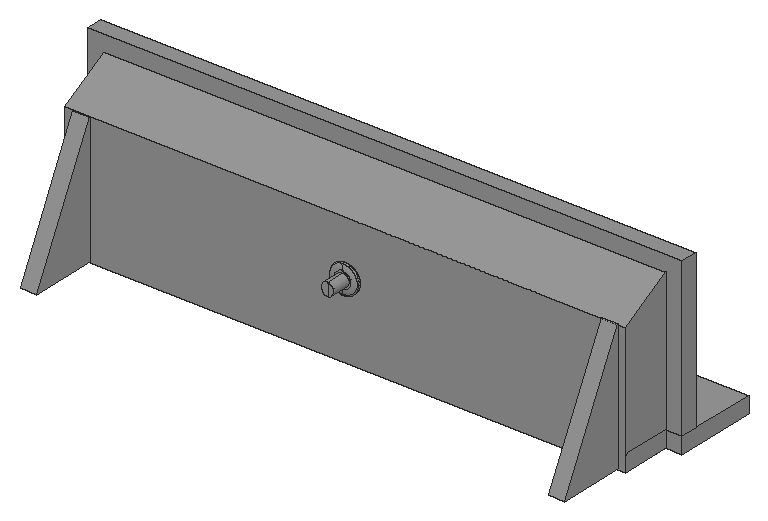
Revit family "Multi_Station_Sink-Willougby-CWMES-7220", category Plumbing Fixtures, Revit 2015
Parameters (values of type "7220")
  Width = 6' - 0"
  Waste DIA = 1 1/2"
  Waste Connection = yes
  Vent Connection = no
  URL = "https://www.willoughby-ind.com/wp-content/uploads/2018/01/CWMES.pdf"
  Type Comments = ""
  Revision = "A"
  Model = "CWMES-7220"
  Manufacturer = "Willoughby Industries"
  HW Connection = no
  Fixture Body = Stainless Steel AISI 304-Willoughby(4)
  Description = "Multi-Station Hand Sink, 72\" Wide, 3 Station"
  Default Elevation = 0' - 0"
  Contact = "(800) 428-4065"
  CW Connection = no
  72" x 20" = yes
Reference planes (in)
  plane 1 "Center (Front/Back)": y = 0
  plane 2: z = 0
  plane 3 "Center (Left/Right)": x = 0
  plane 4 "Left Side": x = -36
  plane 5 "Right Side": x = 36
  plane 6 "Top Of Sink": y = 34
  plane 7 "Top Of Unit": y = 42
  plane 8 "Bottom Of Sink": y = 26
  plane 9 "Mounting Brkt": y = 18
  plane 10: z = 9.125
Forms (in)
  Extrusion 1, solid, material "Stainless Steel AISI 304-Willoughby(4)" <- "Fixture Body"
    sketch origin (0, 0, 0) x (1, 0, 0) y (0, 1, 0)
      loop
        line (-36, 42) -> (-36, 32) -> (-34, 32) -> (-34, 26) -> (34, 26) -> (34, 32) -> (36, 32) -> (36, 42) -> (-36, 42)
    from 0 to 2
  Extrusion 2, solid, material "Stainless Steel AISI 304-Willoughby(4)" <- "Fixture Body"
    sketch origin (0, 0, 0) x (0, 1, 0) y (0, 0, 1)
      loop
        line (34, 0) -> (34, 20.21818) -> (26, 15.75) -> (26, 0) -> (34, 0)
    from -34 to 34
  Sweep 3, solid, material "Stainless Steel AISI 304-Willoughby(4)" <- "Fixture Body"
    path origin (0, 0, 0) x (1, 0, 0) y (0, 0, 1)
      loop
        line (-34, 2) -> (-34, 19) -> (34, 19) -> (34, 2)
    profile origin (-34, 0, 10.5) x (-1, 0, 0) y (0, -1, 0)
      loop
        line (0, -32) -> (0, -34) -> (2, -34) -> (2, -32) -> (0, -32)
  Extrusion 4, void
    sketch origin (0, 0, 0) x (0, 1, 0) y (0, 0, 1)
      loop
        line (34, 2.25) -> (34, 19.97446) -> (26.25, 15.5) -> (26.25, 2.25) -> (34, 2.25)
    from -33.75 to 33.75
  Revolve 5, solid, material "Stainless Steel AISI 304-Willoughby(4)" <- "Fixture Body", detail levels fine
    sketch origin (0, 0, 0) x (0, 1, 0) y (0, 0, 1)
      loop
        line (26.29904, 9.125) -> (26.29904, 10.875) -> (25.88111, 10.875)
        arc (25.88111, 10.875) -> (25.8068, 10.85556) -> (25.75153, 10.80221) r 0.15173
        arc (25.75153, 10.80221) -> (25.6098, 10.48813) -> (25.54904, 10.14895) r 1.40076
        line (25.54904, 10.14895) -> (25.54904, 9.125) -> (26.29904, 9.125)
      axis (25.54904, 9.125) -> (26.29904, 9.125)
    angle from 0 to 360
  Revolve 6, solid, material "Stainless Steel AISI 304-Willoughby(4)" <- "Fixture Body", detail levels fine
    sketch origin (0, 0, 0) x (0, 1, 0) y (0, 0, 1)
      loop
        line (25.54904, 9.125) -> (25.54904, 9.875) -> (23.29904, 9.875) -> (23.29904, 9.125) -> (25.54904, 9.125)
      axis (23.29904, 9.125) -> (25.54904, 9.125)
    angle from 0 to 360
  Extrusion 7, solid, material "Stainless Steel AISI 304-Willoughby(4)" <- "Fixture Body", detail levels medium+fine
    sketch origin (0, 0, 0) x (0, 1, 0) y (0, 0, 1)
      loop
        line (26, 0) -> (26, 15.75) -> (18, 0) -> (26, 0)
    from -33 to -31
  Extrusion 8, solid, material "Stainless Steel AISI 304-Willoughby(4)" <- "Fixture Body", detail levels medium+fine
    sketch origin (0, 0, 0) x (0, 1, 0) y (0, 0, 1)
      loop
        line (26, 0) -> (26, 15.75) -> (18, 0) -> (26, 0)
    from 33 to 31
Cuts and joins
  Extrusion 4 cuts Extrusion 2
  Extrusion 4 cuts Sweep 3
Lines and regions (in)
  symbolic lines
    curve 1: line (-36, 32, 0) -> (-36, 42, 0)
    curve 2: line (-36, 42, 0) -> (36, 42, 0)
    curve 3: line (36, 42, 0) -> (36, 32, 0)
    curve 4: line (-36, 32, 0) -> (-34, 32, 0)
    curve 5: line (-34, 32, 0) -> (34, 32, 0)
    curve 6: line (34, 32, 0) -> (36, 32, 0)
    curve 7: line (34, 32, 0) -> (34, 26, 0)
    curve 8: line (34, 26, 0) -> (-34, 26, 0)
    curve 9: line (-34, 26, 0) -> (-34, 32, 0)
    curve 19: line (-1.75, 26, 0) -> (-1.75, 25.8956, 0)
    curve 20: line (1.75, 26, 0) -> (1.75, 25.8956, 0)
    curve 30: line (36, 0, 0) -> (36, 0, 21)
    curve 31: line (36, 0, 21) -> (-36, 0, 21)
    curve 32: line (-36, 0, 21) -> (-36, 0, 0)
    curve 33: line (-36, 0, 0) -> (36, 0, 0)
    curve 40: line (0, 26, 0) -> (0, 42, 0)
    curve 41: line (0, 42, 0) -> (0, 42, 2)
    curve 42: line (0, 42, 2) -> (0, 26, 2)
    curve 43: line (0, 34, 2) -> (0, 34, 21)
    curve 44: line (0, 34, 21) -> (0, 32, 21)
    curve 45: line (0, 32, 21) -> (0, 32, 0)
    curve 46: line (0, 34, 0) -> (0, 34, 2)
    curve 47: line (0, 34, 20.21818) -> (0, 26, 15.75)
    curve 48: line (0, 26, 15.75) -> (0, 26, 0)
  symbolic lines, detail levels medium+fine
    curve 10: line (-33, 26, 0) -> (-33, 18, 0)
    curve 11: line (-33, 18, 0) -> (-31, 18, 0)
    curve 12: line (-31, 18, 0) -> (-31, 26, 0)
    curve 13: line (33, 26, 0) -> (33, 18, 0)
    curve 14: line (33, 18, 0) -> (31, 18, 0)
    curve 15: line (31, 18, 0) -> (31, 26, 0)
    curve 29: line (-36, 34, 0) -> (36, 34, 0)
    curve 34: line (36, 0, 2) -> (-36, 0, 2)
    curve 35: line (-33.75, 0, 2) -> (-33.75, 0, 19.97446)
    curve 36: line (-33.75, 0, 19.97446) -> (33.75, 0, 19.97446)
    curve 37: line (33.75, 0, 19.97446) -> (33.75, 0, 2)
    curve 49: line (0, 26, 15.75) -> (0, 18, 0)
    curve 50: line (0, 18, 0) -> (0, 26, 0)
  symbolic lines, detail levels fine
    curve 16: line (0.75, 23.29904, 0) -> (0.75, 25.54904, 0)
    curve 17: line (0.75, 23.29904, 0) -> (-0.75, 23.29904, 0)
    curve 18: line (-0.75, 23.29904, 0) -> (-0.75, 25.54904, 0)
    curve 21: arc (1.75, 25.8956, 0) -> (1.73479, 25.80933, 0) -> (1.69099, 25.73346, 0) r 0.25224
    curve 22: arc (1.69099, 25.73346, 0) -> (1.59703, 25.68665, 0) -> (1.49937, 25.64815, 0) r 1.2101
    curve 23: arc (1.49937, 25.64815, 0) -> (1.27107, 25.58065, 0) -> (1.03766, 25.53377, 0) r 2.66813
    curve 24: arc (1.03766, 25.53377, 0) -> (0.89383, 25.53185, 0) -> (0.75, 25.53377, 0) r 5.39805
    curve 25: line (0.75, 25.54904, 0) -> (-0.75, 25.54904, 0)
    curve 26: arc (-1.75, 25.8956, 0) -> (-1.73113, 25.8105, 0) -> (-1.67807, 25.74134, 0) r 0.20137
    curve 27: arc (-1.67807, 25.74134, 0) -> (-1.38605, 25.60652, 0) -> (-1.07056, 25.54395, 0) r 1.36168
    curve 28: arc (-1.07056, 25.54395, 0) -> (-0.90887, 25.53769, 0) -> (-0.74718, 25.54395, 0) r 2.09106
    curve 38: circle (0, 0, 9.125) r 0.75 normal (0, -1, 0)
    curve 39: circle (0, 0, 9.125) r 1.75 normal (0, -1, 0)
Dimensions and locks (in)
  equal spacing: plane 4 "Left Side", plane 3 "Center (Left/Right)", plane 5 "Right Side"
  "Width": plane 4 "Left Side" to plane 5 "Right Side"
  locked: plane 4 "Left Side" to cut or joined group of Extrusion 2, Extrusion 4 at 2
  locked: cut or joined group of Extrusion 2, Extrusion 4 to plane 5 "Right Side" at 2
  locked: plane 4 "Left Side" to Extrusion 7 at 3
  locked: Extrusion 8 to plane 5 "Right Side" at 3
  locked: Extrusion 7 to Extrusion 7 at 2
  locked: Extrusion 8 to Extrusion 8 at 2
  locked: cut or joined group of Extrusion 2, Extrusion 4 to cut or joined group of Extrusion 2, Extrusion 4 at 0.25  (x2)
  aligned and locked: Extrusion 1 to plane 7 "Top Of Unit"
  aligned and locked: Extrusion 1 to plane 5 "Right Side"
  aligned and locked: Extrusion 1 to plane 8 "Bottom Of Sink"
  aligned and locked: Extrusion 1 to level
  aligned and locked: plane 4 "Left Side" to Extrusion 1
  aligned and locked: plane 6 "Top Of Sink" to Extrusion 2
  aligned and locked: Extrusion 2 to plane 8 "Bottom Of Sink"
  aligned and locked: Extrusion 2 to level
  aligned and locked: Extrusion 2 to Extrusion 1
  aligned and locked: Revolve 5 sketch curve to Revolve 5 sketch curve  (x2)
  aligned and locked: Revolve 6 sketch curve to Revolve 6 sketch curve  (x2)
  aligned and locked: plane 8 "Bottom Of Sink" to Extrusion 7
  aligned and locked: Extrusion 7 to level
  aligned and locked: plane 8 "Bottom Of Sink" to Extrusion 8
  aligned and locked: curve 1 to Extrusion 1
Automatic sketch dimensions
  Extrusion 1 sketch curve to plane 4 "Left Side" = 0' - 0"
  Extrusion 1 sketch curve to plane 8 "Bottom Of Sink" = 0' - 0"
  Extrusion 1 sketch curve to plane 5 "Right Side" = 0' - 0"
  Extrusion 1 sketch curve to plane 7 "Top Of Unit" = 0' - 0"
  Extrusion 1 sketch curve to Extrusion 1 sketch curve = 0' - 2"
  plane 5 "Right Side" to Extrusion 1 sketch curve = 0' - 2"
  Extrusion 1 sketch curve to plane 6 "Top Of Sink" = 0' - 2"  (x2)
  Extrusion 2 sketch curve to plane 8 "Bottom Of Sink" = 0' - 0"
  Extrusion 2 sketch curve to level = 0' - 0"
  plane 6 "Top Of Sink" to Extrusion 2 sketch curve = 0' - 0"
  level to Extrusion 2 sketch curve = 1' - 3 3/4"
  Extrusion 2 sketch curve to Extrusion 2 sketch curve = 0' - 4.46818"
  Sweep 3 sketch curve to profile plane = 0' - 0"
  Sweep 3 sketch curve to profile plane = 0' - 2"
  Sweep 3 sketch curve to plane 1 "Center (Front/Back)" = 2' - 10"
  Sweep 3 sketch curve to Sweep 3 sketch curve = 0' - 2"
  Sweep 3 sketch curve to plane 4 "Left Side" = 0' - 2"
  level to Sweep 3 sketch curve = 1' - 7"
  plane 5 "Right Side" to Sweep 3 sketch curve = 0' - 2"
  level to Sweep 3 sketch curve = 0' - 2"  (x2)
  Extrusion 4 sketch curve to plane 6 "Top Of Sink" = 0' - 0"
  plane 8 "Bottom Of Sink" to Extrusion 4 sketch curve = 0' - 0 1/4"
  Extrusion 4 sketch curve to Extrusion 4 sketch curve = 1' - 1 1/4"
  Extrusion 4 sketch curve to Extrusion 4 sketch curve = 0' - 4.47446"
  level to Extrusion 4 sketch curve = 0' - 2 1/4"
  Revolve 5 sketch curve to plane 10 = 0' - 0"
  Revolve 5 sketch curve to plane 8 "Bottom Of Sink" = 0' - 0.45096"
  Revolve 5 sketch curve to plane 8 "Bottom Of Sink" = 0' - 0.11889"
  plane 8 "Bottom Of Sink" to Revolve 5 sketch curve = 0' - 0.29904"
  plane 8 "Bottom Of Sink" to Revolve 5 sketch curve = 0' - 0.94776"
  plane 10 to Revolve 5 sketch curve = 0' - 0.9484"
  plane 10 to Revolve 5 sketch curve = 0' - 1.02395"
  Revolve 5 sketch curve to Revolve 5 sketch curve = 0' - 0.57432"
  Revolve 5 sketch curve to Revolve 5 sketch curve = 0' - 0.15173"
  Revolve 5 sketch curve to Revolve 5 sketch curve = 0' - 0"
  Revolve 6 sketch curve to plane 10 = 0' - 0"
  Revolve 6 sketch curve to plane 8 "Bottom Of Sink" = 0' - 2.70096"
  Revolve 6 sketch curve to plane 8 "Bottom Of Sink" = 0' - 0.45096"
  plane 10 to Revolve 6 sketch curve = 0' - 0 3/4"
  Revolve 6 sketch curve to Revolve 6 sketch curve = 0' - 0"
  Extrusion 7 sketch curve to level = 0' - 0"
  Extrusion 7 sketch curve to plane 9 "Mounting Brkt" = 0' - 0"
  Extrusion 7 sketch curve to plane 8 "Bottom Of Sink" = 0' - 0"
  plane 10 to Extrusion 7 sketch curve = 0' - 6 5/8"
  Extrusion 8 sketch curve to level = 0' - 0"
  Extrusion 8 sketch curve to plane 9 "Mounting Brkt" = 0' - 0"
  Extrusion 8 sketch curve to plane 8 "Bottom Of Sink" = 0' - 0"
  plane 10 to Extrusion 8 sketch curve = 0' - 6 5/8"
  curve 9 to plane 8 "Bottom Of Sink" = 0' - 0"
  curve 11 to plane 9 "Mounting Brkt" = 0' - 0"
  plane 9 "Mounting Brkt" to curve 15 = 0' - 0"
  curve 6 to plane 5 "Right Side" = 0' - 0"
  curve 29 to plane 6 "Top Of Sink" = 0' - 0"
  curve 1 to plane 7 "Top Of Unit" = 0' - 0"
  curve 9 to plane 4 "Left Side" = 0' - 2"
  curve 11 to plane 4 "Left Side" = 0' - 3"
  curve 10 to curve 12 = 0' - 2"
  curve 19 to plane 8 "Bottom Of Sink" = 0' - 0.1044"
  curve 19 to plane 3 "Center (Left/Right)" = 0' - 1 3/4"
  curve 26 to curve 26 = 0' - 0.20137"
  curve 27 to plane 3 "Center (Left/Right)" = 0' - 0.96527"
  curve 27 to curve 28 = 0' - 0.0564"
  curve 18 to plane 3 "Center (Left/Right)" = 0' - 0 3/4"
  plane 3 "Center (Left/Right)" to curve 23 = 0' - 0.62947"
  plane 3 "Center (Left/Right)" to curve 17 = 0' - 0 3/4"
  plane 3 "Center (Left/Right)" to curve 24 = 0' - 0.89388"
  plane 3 "Center (Left/Right)" to curve 22 = 0' - 1.10484"
  curve 21 to plane 8 "Bottom Of Sink" = 0' - 0.1044"
  curve 16 to curve 21 = 0' - 0.74776"
  curve 21 to curve 20 = 0' - 0.25224"
  plane 5 "Right Side" to curve 15 = 0' - 5"
  curve 14 to curve 13 = 0' - 2"
  curve 13 to curve 8 = 0' - 1"
  curve 16 to plane 8 "Bottom Of Sink" = 0' - 2.70096"
  curve 16 to plane 8 "Bottom Of Sink" = 0' - 0.45096"
  plane 8 "Bottom Of Sink" to curve 22 = 0' - 0.79213"
  plane 8 "Bottom Of Sink" to curve 27 = 0' - 0.90155"
  curve 27 to curve 28 = 0' - 0.7272"
  curve 22 to curve 23 = 0' - 1.37836"
  curve 23 to curve 24 = 0' - 2.75941"
  curve 5 to plane 6 "Top Of Sink" = 0' - 2"
  curve 26 to curve 26 = 0' - 0.07193"
  curve 28 to curve 27 = 0' - 0"
  curve 18 to curve 28 = 0' - 0.00282"
  curve 24 to curve 23 = 0' - 0.28766"
  curve 21 to curve 23 = 0' - 0.00161"
  curve 22 to curve 23 = 0' - 0"
  curve 38 to curve 39 = 0' - 0"  (x2)
  plane 4 "Left Side" to curve 34 = 0' - 0"
  curve 38 to plane 3 "Center (Left/Right)" = 0' - 0"
  plane 5 "Right Side" to curve 31 = 0' - 0"
  curve 33 to level = 0' - 0"
  curve 38 to plane 10 = 0' - 0"
  curve 35 to plane 4 "Left Side" = 0' - 2 1/4"
  plane 5 "Right Side" to curve 37 = 0' - 2 1/4"
  plane 10 to curve 37 = 0' - 10.84946"
  curve 36 to curve 30 = 0' - 1.02554"
  level to curve 34 = 0' - 2"
  curve 50 to plane 9 "Mounting Brkt" = 0' - 0"
  curve 49 to level = 0' - 0"
  curve 40 to plane 8 "Bottom Of Sink" = 0' - 0"
  curve 46 to plane 6 "Top Of Sink" = 0' - 0"
  curve 47 to plane 6 "Top Of Sink" = 0' - 0"
  curve 41 to plane 7 "Top Of Unit" = 0' - 0"
  curve 44 to plane 6 "Top Of Sink" = 0' - 2"
  level to curve 42 = 0' - 2"
  plane 10 to curve 49 = 0' - 6 5/8"
  curve 47 to curve 45 = 0' - 5 1/4"
  curve 47 to curve 43 = 0' - 0.78182"
  radius of curve 38 = 0' - 0 3/4"
  radius of curve 39 = 0' - 1 3/4"
Connectors (in)
  piping at (0, 23.29904, 9.125), diameter 1.5, driven by "Waste DIA", driven by "Waste Connection"
    settings: on Revolve 6, index 1, connector inside diameter 24", connector length 0' - 0", flow factor 0, pipe flow 0 GPM, pressure drop 0.00 psi, fitting loss kfactor 0, connector angle 0.00°, fixture units 0, engagement length 0' - 0", angle of deflection 0.00°, flow configuration 0, flow direction 2, fitting loss method 0, system type 16, joint type 0, gender type 0, connector reference index -1, connector utility 1, adjustable connector no, is connector primary yes, connector description "Sink Waste"
